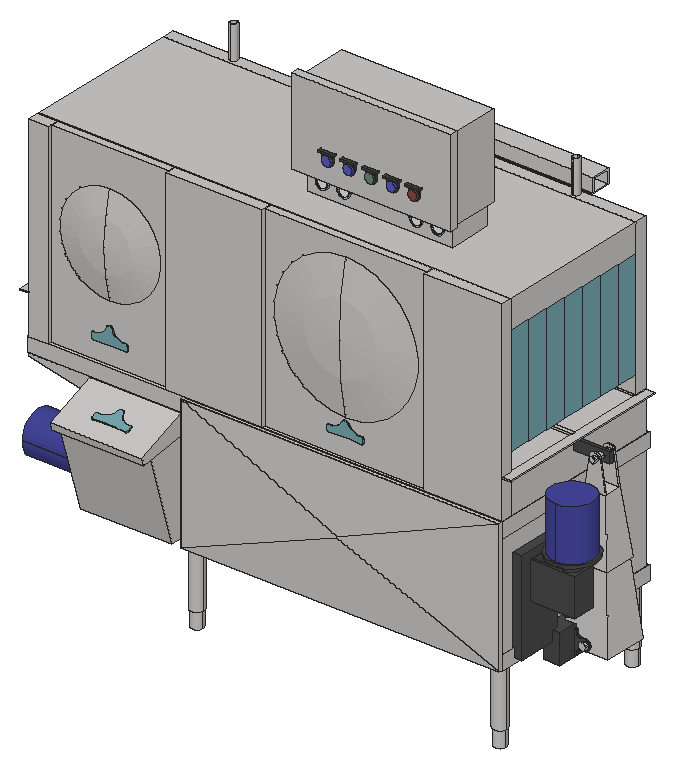
Revit family
Parameters (values of type "480/60/3")
  Width = 5' - 5 1/2"  # constant formula
  Weight in Pounds = 1050
  Watts = 15000 W
  Watermarked By = "http://revitwatermark.com"
  Waste Water Discharge Temperature [instance] = -459.67 °F
  Volts = 480 V
  Ventilation Remarks [instance] = ""
  URL Cutsheet = ""
  URL = "www.stero.com"
  Total Height = 5' - 10 1/2"
  Table Height = 2' - 10"
  Swing Doors [instance] = no
  Status [instance] = ""
  Standard Doors [instance] = not(Swing Doors)  # yes
  Specification by User [instance] = ""
  Specification by Manufacturer = ""
  Single Door Opening [instance] = if(Swing Doors, 1' 6", 1' 4 1/4")  # 1' - 4 1/4"
  Serial Number [instance] = ""
  Seismic Rating [instance] = ""
  SMACNA No [instance] = ""
  Right Ventilation Remarks [instance] = ""
  Right Vent [instance] = no
  Right Exhaust Volume [instance] = if(Right Vent, 400 CFM, 0 CFM)  # 0 CFM
  Right Exhaust Vent Width = 0' - 3 7/8"
  Right Exhaust Vent Text = "Vent, Unload End"  # constant formula
  Right Exhaust Vent Depth = 2' - 0 7/8"
  Right Exhaust Static Press = 0.00 in-wg
  Right Exhaust RI Height [instance] = 0' - 0"
  Right Exhaust Item Number [instance] = "-"
  Right Drain [instance] = not(Left Drain)  # yes
  Revision Code [instance] = ""
  Plumbing Remarks [instance] = ""
  Plumbing Connection Type [instance] = ""
  Phase = 3
  Number of Poles [instance] = 1
  NAFEM Spec ID Number [instance] = ""
  Model = "ER-66S"
  Masterspec = ""
  Manufacturer = "Stero"
  Machine Height = 4' - 7 1/2"
  Left Vent [instance] = no
  Left Drain [instance] = no
  Item Number [instance] = "-"
  Installed By [instance] = ""
  Indirect Waste Size = 2"
  Indirect Waste Flow [instance] = 0.00 GPM
  Indirect Waste Connection Type [instance] = ""
  Indirect Waste Connection Height = 0' - 6"
  Hot Water Usage Rack = "0.5 Gal/Rack"  # constant formula
  Hot Water Usage = "118 GPH"  # constant formula
  Hot Water Temperature = 180 °F
  Hot Water Size = 3/4"
  Hot Water RI Height [instance] = 0' - 0"
  Hot Water Minimum Pressure = 20.00 psi
  Hot Water Maximum Pressure = 20.00 psi
  Hot Water Flow = 1.97 GPM
  Hot Water Consumption = 1.97 GPM
  Hot Water Connection Height = 5' - 0"
  HP = "3.58"  # constant formula
  Furnished By [instance] = ""
  Foodservice Equipment Identifier [instance] = yes
  FL Amps = 25 A
  Exhaust Volume [instance] = if(Left Vent, 200 CFM, 0 CFM)  # 0 CFM
  Exhaust Vent Width = 0' - 3 7/8"
  Exhaust Vent Text = "Vent, Load End"  # constant formula
  Exhaust Vent Depth = 2' - 0 7/8"
  Exhaust Static Press = 0.00 in-wg
  Exhaust RI Height [instance] = 0' - 0"
  Electrical Remarks [instance] = ""
  Electric Connection Type [instance] = ""
  Elec Conn RI Height [instance] = 0' - 0"
  Elec Conn Connection Height = 5' - 8 1/2"
  Double Door Opening [instance] = if(Swing Doors, 3' 0", 1' 10 1/2")  # 1' - 10 1/2"
  Description = "Rack Conveyor Series"
  Depth = 2' - 1"
  Cycle = 60 Hz
  Conn Conduit = yes
  Cold Water Temperature Recommended [instance] = -459.67 °F
  Cold Water Size = 3/4"
  Cold Water RI Height [instance] = 0' - 0"
  Cold Water Minimum Pressure [instance] = 0.00 psi
  Cold Water Maximum Pressure [instance] = 0.00 psi
  Cold Water Flow [instance] = 0.00 GPM
  Cold Water Consumption [instance] = ""
  Cold Water Connection Height = 5' - 0"
  CSI MasterFormat = "11 48 13"
  Building Plumbing Remarks [instance] = ""
  Building Hot Water Temperature = 140 °F
  Building Hot Water Size = 3/4"
  Building Hot Water RI Height [instance] = 0' - 0"
  Building Hot Water Minimum Pressure = 20.00 psi
  Building Hot Water Maximum Pressure = 20.00 psi
  Building Hot Water Flow [instance] = 0.00 GPM
  Building Hot Water Consumption [instance] = 0.00 GPM
  Building Hot Water Connection Height = 5' - 0"
  Building HW Item Number [instance] = "-"
  Assembly Code = "E1090320"
  Apparent Power = if(Phase = 3, Volts * FL Amps * 1.73, Volts * FL Amps)  # 20760 VA
Reference planes (in)
  plane 1: z = 0
  plane 2 "Left of Bottom": x = 2.32772
  plane 3 "BACK": y = -48
  plane 4 "TOP": z = 70.5
  plane 5 "RIGHT": x = 46.32772
  plane 6 "FRONT": y = -73
  plane 7 "Right of Top": x = 46.07772
  plane 8 "Right of Ledge": x = 47.57772
  plane 9 "Right End Cowl": x = 56.07772
  plane 10: x = 49.14022
  plane 11 "Bottom of Machine": z = 10
  plane 12 "Table Height": z = 34
  plane 13 "Top of Machine": z = 55.5
  plane 14 "Panel Top": z = 28.5
  plane 15: z = 12
  plane 16: y = -73.5
  plane 17: y = -47.5
  plane 18: x = 2.07772
  plane 19 "Right of Bottom": x = 46.57772
  plane 20: y = -49.625
  plane 21: y = -71.375
  plane 22 "Door Center": x = 24.32772
  plane 23: x = 13.07772
  plane 24: x = 35.57772
  plane 25 "Top of Opening": z = 51.5
  plane 26: z = 2.25
  plane 27: x = 14.32772
  plane 28: x = 34.32772
  plane 29: x = 13.32772
  plane 30: x = 35.32772
  plane 31 "Front of Lower Panel": y = -66.5
  plane 32: y = -60.5
  plane 33: y = -67
  plane 34 "Back of Panel": y = -60
  plane 35 "Front of Upper Panel": y = -68
  plane 36: x = 13.82772
  plane 37: x = 34.82772
  plane 38: x = 55.95272
  plane 39: x = 53.01522
  plane 40: y = -48.0625
  plane 41: y = -72.9375
  plane 42 "Top of Vents": z = 59.5
  plane 43: x = 9.82772
  plane 44: x = 38.82772
  plane 45: y = -45
  plane 46: z = 57.5
  plane 47: y = -43
  plane 48: z = 84.5
  plane 49: x = -29.17228
  plane 50: x = -22.23478
  plane 51: x = -29.04728
  plane 52: x = -26.10978
  plane 53 "Left of Middle": x = -19.29728
  plane 54 "LEFT": x = -19.17228
  plane 55: x = -20.42228
  plane 56: x = -18.92228
  plane 57: x = -0.23478
  plane 58: x = -16.48478
  plane 59 "Left of Bin": x = -10.60978
  plane 60: x = -21.79728
  plane 61: z = 13.625
  plane 62: z = 8.5
  plane 63 "Drain": y = -50
  plane 64: y = -80
  plane 65: x = 13.32772
  plane 66: x = 35.32772
  plane 67 "Left Handle": x = 22.89022
  plane 68: x = 24.26522
  plane 69: x = 24.39022
  plane 70 "Right Handle": x = 25.76522
  plane 71: x = -16.23478
  plane 72 "Small Door Handle": x = -1.67228
  plane 73: x = -0.35978
  plane 74 "Top Hinge": z = 52.4375
  plane 75: z = 49.4375
  plane 76 "Bottom Hinge": z = 35.8125
  plane 77: z = 32.8125
Forms (in)
  Extrusion 1, solid, material "QF_Finishes_Stainless Steel"
    sketch origin (0, 0, 10) x (0, 1, 0) y (-1, 0, 0)
      loop
        line (-47.5, -2.07772) -> (-73, -2.07772) -> (-73, -46.57772) -> (-47.5, -46.57772) -> (-47.5, -2.07772)
    from 0 to 2
  Extrusion 2, solid, material "QF_Finishes_Stainless Steel"
    sketch origin (0, 0, 28.5) x (0, 1, 0) y (-1, 0, 0)
      loop
        line (-48, -2.32772) -> (-73, -2.32772) -> (-73, -46.32772) -> (-48, -46.32772) -> (-48, -2.32772)
    from 0 to -16.5
  Extrusion 3, solid, material "QF_Finishes_Stainless Steel"
    sketch origin (0, 0, 34) x (0, 1, 0) y (-1, 0, 0)
      loop
        line (-48, -46.32772) -> (-73, -46.32772) -> (-73, -47.57772) -> (-48, -47.57772) -> (-48, -46.32772)
    from 0 to -0.125
  Extrusion 4, solid, material "QF_Finishes_Stainless Steel"
    sketch origin (0, 0, 34) x (0, 1, 0) y (-1, 0, 0)
      loop
        line (-48, 19.17228) -> (-71.375, 19.17228) -> (-71.375, -46.32772) -> (-48, -46.32772) -> (-48, 19.17228)
    from -0.25 to -5.5
  Extrusion 5, solid, material "QF_Finishes_Stainless Steel"
    sketch origin (0, 0, 34) x (0, 1, 0) y (-1, 0, 0)
      loop
        line (-60.25, 19.17228) -> (-60.75, 19.17228) -> (-60.75, -46.32772) -> (-60.25, -46.32772) -> (-60.25, 19.17228)
      loop
        line (-48, 19.17228) -> (-49.625, 19.17228) -> (-49.625, -46.32772) -> (-48, -46.32772) -> (-48, 19.17228)
    from 0 to -0.25
  Extrusion 6, solid, material "QF_Finishes_Stainless Steel"
    sketch origin (0, 0, 55.5) x (0, 1, 0) y (-1, 0, 0)
      loop
        line (-49.625, 19.17228) -> (-71.375, 19.17228) -> (-71.375, -46.32772) -> (-49.625, -46.32772) -> (-49.625, 19.17228)
    from 0 to -4
  Extrusion 7, solid, material "QF_Finishes_Stainless Steel"
    sketch origin (0, 0, 55.5) x (0, 1, 0) y (-1, 0, 0)
      loop
        line (-48, 19.17228) -> (-49.625, 19.17228) -> (-49.625, -46.32772) -> (-48, -46.32772) -> (-48, 19.17228)
    from 0 to -21.5
  Extrusion 8, solid, material "QF_Finishes_Stainless Steel"
    sketch origin (0, -73, 0) x (-1, 0, 0) y (0, 0, 1)
      loop
        line (0.23478, 55.5) -> (-13.07772, 55.5) -> (-13.07772, 28.5) -> (0.23478, 28.5) -> (0.23478, 55.5)
    from 0 to 1.625
  Blend 9, solid, material "QF_Finishes_Stainless Steel"
    base sketch origin (-15.01335, -74, 48) x (-1, 0, 0) y (0, 0, 1)
      loop
        line (-17.34107, -19.5) -> (-61.34107, -19.5) -> (-61.34107, -38) -> (-17.34107, -38) -> (-17.34107, -19.5)
    top sketch origin (-15.01335, -74, 48) x (-1, 0, 0) y (0, 0, 1)
      loop
        line (-39.37232, -28.71875) -> (-39.37232, -28.78125) -> (-39.30982, -28.78125) -> (-39.30982, -28.71875) -> (-39.37232, -28.71875)
    from 0.5 to 0
  Extrusion 10, solid, material "QF_Finishes_Stainless Steel"
    sketch origin (0, 0, 10) x (0, 1, 0) y (-1, 0, 0)
      loop
        line (-73, -2.32772) -> (-73.5, -2.32772) -> (-73.5, -46.32772) -> (-73, -46.32772) -> (-73, -2.32772)
    from 0 to 18.5
  Extrusion 11, solid, material "QF_Finishes_Stainless Steel"
    sketch origin (0, -73, 0) x (-1, 0, 0) y (0, 0, 1)
      loop
        line (-35.57772, 55.5) -> (-46.32772, 55.5) -> (-46.32772, 28.5) -> (-35.57772, 28.5) -> (-35.57772, 55.5)
    from 0 to 1.625
  Extrusion 12, solid, material "QF_Finishes_Stainless Steel", visible <- "Standard Doors"
    sketch origin (0, 0, 55.5) x (0, 1, 0) y (-1, 0, 0)
      loop
        line (-71.375, -13.07772) -> (-72.5, -13.07772) -> (-72.5, -35.57772) -> (-71.375, -35.57772) -> (-71.375, -13.07772)
    from 0 to -27
  Revolve 13, solid, material "QF_Finishes_Stainless Steel", visible <- "Standard Doors"
    sketch origin (24.32772, 0, 0) x (0, 1, 0) y (0, 0, 1)
      loop
        line (-72.5, 43.5) -> (-72.5, 53.5)
        arc (-72.5, 53.5) -> (-73.26244, 48.52624) -> (-73.5, 43.5) r 48
        line (-73.5, 43.5) -> (-72.5, 43.5)
      axis (-72.5, 43.5) -> (-73.5, 43.5)
    angle from 0 to 360
  Extrusion 14, solid, material "QF_Finishes_Stainless Steel"
    sketch origin (0, 0, 0) x (1, 0, 0) y (0, 1, 0)
      loop
        circle (3.32772, -49) r 0.8125
    from 0 to 2.25
  Extrusion 15, solid, material "QF_Finishes_Stainless Steel"
    sketch origin (0, 0, 0) x (1, 0, 0) y (0, 1, 0)
      loop
        circle (3.32772, -49) r 0.9375
    from 2.25 to 10
  Extrusion 16, solid, material "QF_Finishes_Stainless Steel"
    sketch origin (48.65544, 0, 0) x (-1, 0, 0) y (0, -1, 0)
      loop
        circle (3.32772, 49) r 0.8125
    from 0 to 2.25
  Extrusion 17, solid, material "QF_Finishes_Stainless Steel"
    sketch origin (48.65544, 0, 0) x (-1, 0, 0) y (0, -1, 0)
      loop
        circle (3.32772, 49) r 0.9375
    from 2.25 to 10
  Extrusion 18, solid, material "QF_Finishes_Stainless Steel"
    sketch origin (0, -121, 0) x (1, 0, 0) y (0, 1, 0)
      loop
        circle (3.32772, 49) r 0.8125
    from 0 to 2.25
  Extrusion 19, solid, material "QF_Finishes_Stainless Steel"
    sketch origin (0, -121, 0) x (1, 0, 0) y (0, 1, 0)
      loop
        circle (3.32772, 49) r 0.9375
    from 2.25 to 10
  Extrusion 20, solid, material "QF_Finishes_Stainless Steel"
    sketch origin (48.65544, -121, 0) x (-1, 0, 0) y (0, -1, 0)
      loop
        circle (3.32772, -49) r 0.8125
    from 0 to 2.25
  Extrusion 21, solid, material "QF_Finishes_Stainless Steel"
    sketch origin (48.65544, -121, 0) x (-1, 0, 0) y (0, -1, 0)
      loop
        circle (3.32772, -49) r 0.9375
    from 2.25 to 10
  Extrusion 22, solid, material "QF_Finishes_Light Blue"
    sketch origin (0, 0, 51.5) x (0, 1, 0) y (-1, 0, 0)
      loop
        line (-49.625, -46.32772) -> (-49.625, -46.20272) -> (-52.625, -46.20272) -> (-52.625, -46.32772) -> (-49.625, -46.32772)
      loop
        line (-52.75, -46.32772) -> (-52.75, -46.20272) -> (-55.75, -46.20272) -> (-55.75, -46.32772) -> (-52.75, -46.32772)
      loop
        line (-55.875, -46.32772) -> (-55.875, -46.20272) -> (-58.875, -46.20272) -> (-58.875, -46.32772) -> (-55.875, -46.32772)
      loop
        line (-59, -46.32772) -> (-59, -46.20272) -> (-62, -46.20272) -> (-62, -46.32772) -> (-59, -46.32772)
      loop
        line (-62.125, -46.32772) -> (-62.125, -46.20272) -> (-65.125, -46.20272) -> (-65.125, -46.32772) -> (-62.125, -46.32772)
      loop
        line (-65.25, -46.32772) -> (-65.25, -46.20272) -> (-68.25, -46.20272) -> (-68.25, -46.32772) -> (-65.25, -46.32772)
      loop
        line (-68.375, -46.32772) -> (-68.375, -46.20272) -> (-71.375, -46.20272) -> (-71.375, -46.32772) -> (-68.375, -46.32772)
    from 0 to -15
  Extrusion 23, solid, material "QF_Finishes_Stainless Steel"
    sketch origin (0, 0, 55.5) x (0, 1, 0) y (-1, 0, 0)
      loop
        line (-60.5, -14.32772) -> (-66.5, -14.32772) -> (-66.5, -34.32772) -> (-60.5, -34.32772) -> (-60.5, -14.32772)
    from 0 to 3.5
  Extrusion 24, solid, material "QF_Finishes_Stainless Steel"
    sketch origin (0, 0, 55.5) x (0, 1, 0) y (-1, 0, 0)
      loop
        line (-60, -13.82772) -> (-67, -13.82772) -> (-67, -34.82772) -> (-60, -34.82772) -> (-60, -13.82772)
    from 3 to 14.5
  Extrusion 25, solid, material "QF_Finishes_Stainless Steel"
    sketch origin (0, 0, 55.5) x (0, 1, 0) y (-1, 0, 0)
      loop
        line (-67, -13.32772) -> (-68, -13.32772) -> (-68, -35.32772) -> (-67, -35.32772) -> (-67, -13.32772)
    from 3 to 15
  Extrusion 26, solid, material "QF_Finishes_Stainless Steel"
    sketch origin (0, -66.5, 0) x (-1, 0, 0) y (0, 0, 1)
      loop
        circle (-16.32772, 57.25) r 0.75
      loop
        circle (-16.32772, 57.25) r 0.875
    from 0 to -0.125
  Extrusion 27, solid, material "QF_Finishes_White"
    sketch origin (0, -66.5, 0) x (-1, 0, 0) y (0, 0, 1)
      loop
        circle (-16.32772, 57.25) r 0.75
    from 0 to -0.0625
  Extrusion 28, solid, material "QF_Finishes_Stainless Steel"
    sketch origin (48.65544, -66.5, 0) x (1, 0, 0) y (0, 0, -1)
      loop
        circle (-16.32772, -57.25) r 0.75
      loop
        circle (-16.32772, -57.25) r 0.875
    from 0 to -0.125
  Extrusion 29, solid, material "QF_Finishes_White"
    sketch origin (48.65544, -66.5, 0) x (1, 0, 0) y (0, 0, -1)
      loop
        circle (-16.32772, -57.25) r 0.75
    from 0 to -0.0625
  Extrusion 30, solid, material "QF_Finishes_Black"
    sketch origin (1.5, -68, 0) x (-1, 0, 0) y (0, 0, 1)
      loop
        line (-23.82772, 62.5) -> (-23.82772, 62.25) -> (-21.82772, 62.25) -> (-21.82772, 62.5) -> (-23.82772, 62.5)
      loop
        line (-20.82772, 62.5) -> (-20.82772, 62.25) -> (-18.82772, 62.25) -> (-18.82772, 62.5) -> (-20.82772, 62.5)
      loop
        line (-24.82772, 62.5) -> (-26.82772, 62.5) -> (-26.82772, 62.25) -> (-24.82772, 62.25) -> (-24.82772, 62.5)
      loop
        line (-27.82772, 62.5) -> (-29.82772, 62.5) -> (-29.82772, 62.25) -> (-27.82772, 62.25) -> (-27.82772, 62.5)
      loop
        line (-17.82772, 62.5) -> (-17.82772, 62.25) -> (-15.82772, 62.25) -> (-15.82772, 62.5) -> (-17.82772, 62.5)
    from 0 to -0.5
  Extrusion 31, solid, material "QF_Finishes_Navy Blue"
    sketch origin (1.5, -68, 0) x (-1, 0, 0) y (0, 0, 1)
      loop
        circle (-19.82772, 61.375) r 0.625
    from -0.125 to -0.375
  Extrusion 32, solid, material "QF_Finishes_LED Green"
    sketch origin (4.5, -68, 0) x (-1, 0, 0) y (0, 0, 1)
      loop
        circle (-19.82772, 61.375) r 0.625
    from -0.125 to -0.375
  Extrusion 33, solid, material "QF_Finishes_Navy Blue"
    sketch origin (7.5, -68, 0) x (-1, 0, 0) y (0, 0, 1)
      loop
        circle (-19.82772, 61.375) r 0.625
    from -0.125 to -0.375
  Extrusion 34, solid, material "QF_Finishes_LED Red"
    sketch origin (10.5, -68, 0) x (-1, 0, 0) y (0, 0, 1)
      loop
        circle (-19.82772, 61.375) r 0.625
    from -0.125 to -0.375
  Extrusion 35, solid, material "QF_Finishes_Black"
    sketch origin (1.5, -68, 0) x (-1, 0, 0) y (0, 0, 1)
      loop
        arc (-20.57772, 61.375) -> (-19.82772, 60.625) -> (-19.07772, 61.375) r 0.75
        line (-19.07772, 61.375) -> (-19.07772, 62.25) -> (-20.57772, 62.25) -> (-20.57772, 61.375)
      loop
        arc (-23.57772, 61.375) -> (-22.82772, 60.625) -> (-22.07772, 61.375) r 0.75
        line (-22.07772, 61.375) -> (-22.07772, 62.25) -> (-23.57772, 62.25) -> (-23.57772, 61.375)
      loop
        arc (-26.57772, 61.375) -> (-25.82772, 60.625) -> (-25.07772, 61.375) r 0.75
        line (-25.07772, 61.375) -> (-25.07772, 62.25) -> (-26.57772, 62.25) -> (-26.57772, 61.375)
      loop
        arc (-29.57772, 61.375) -> (-28.82772, 60.625) -> (-28.07772, 61.375) r 0.75
        line (-28.07772, 61.375) -> (-28.07772, 62.25) -> (-29.57772, 62.25) -> (-29.57772, 61.375)
      loop
        arc (-17.57772, 61.375) -> (-16.82772, 60.625) -> (-16.07772, 61.375) r 0.75
        line (-16.07772, 61.375) -> (-16.07772, 62.25) -> (-17.57772, 62.25) -> (-17.57772, 61.375)
    from 0 to -0.125
  Extrusion 36, solid, material "QF_Finishes_Light Blue", visible <- "Standard Doors"
    sketch origin (0, -73, 0) x (-1, 0, 0) y (0, 0, 1)
      loop
        line (-23.71645, 31.03132) -> (-22.08461, 30.94809)
        arc (-22.08461, 30.94809) -> (-21.90443, 31.02273) -> (-21.82979, 31.20292) r 0.25483
        line (-21.82979, 31.20292) -> (-21.82979, 31.68785)
        arc (-21.82979, 31.68785) -> (-21.90343, 31.86562) -> (-22.08121, 31.93926) r 0.25142
        arc (-22.08121, 31.93926) -> (-23.14855, 32.09475) -> (-23.90311, 32.8655) r 1.68561
        arc (-23.90311, 32.8655) -> (-24.32248, 33.11323) -> (-24.74741, 32.87517) r 0.48833
        arc (-24.74741, 32.87517) -> (-25.50199, 32.0972) -> (-26.57423, 31.93926) r 1.68609
        arc (-26.57423, 31.93926) -> (-26.75201, 31.86562) -> (-26.82565, 31.68785) r 0.25142
        line (-26.82565, 31.68785) -> (-26.82565, 31.20292)
        arc (-26.82565, 31.20292) -> (-26.75101, 31.02273) -> (-26.57082, 30.94809) r 0.25483
        line (-26.57082, 30.94809) -> (-24.93898, 31.03132)
        arc (-24.93898, 31.03132) -> (-24.32772, 31.04643) -> (-23.71645, 31.03132) r 12.37453
    from 0.5 to 0.4375
  Extrusion 37, solid, material "QF_Finishes_Stainless Steel", visible <- "Right Vent"
    sketch origin (46.07772, 0, 0) x (0, -1, 0) y (0, 0, 1)
      loop
        line (73, 55.5) -> (48, 55.5) -> (48, 50.5625) -> (49.625, 48.9375) -> (49.625, 49.11428) -> (48.125, 50.61428) -> (48.125, 55.375) -> (72.875, 55.375) -> (72.875, 39.55178) -> (71.375, 38.05178) -> (71.375, 37.875) -> (73, 39.5) -> (73, 55.5)
    from 0 to -9.875
  Extrusion 38, solid, material "QF_Finishes_Stainless Steel", visible <- "Right Vent"
    sketch origin (56.07772, 0, 0) x (0, 1, 0) y (0, 0, 1)
      loop
        line (-71.375, 37.875) -> (-71.375, 51.5) -> (-49.625, 51.5) -> (-49.625, 48.9375) -> (-48, 50.5625) -> (-48, 55.5) -> (-73, 55.5) -> (-73, 39.5) -> (-71.375, 37.875)
    from 0 to -0.125
  Extrusion 39, solid, material "QF_Finishes_Stainless Steel", visible <- "Right Vent"
    sketch origin (48.65544, 0, 55.5) x (0, 1, 0) y (-1, 0, 0)
      loop
        line (-48.0625, -4.35978) -> (-48.0625, -0.48478) -> (-72.9375, -0.48478) -> (-72.9375, -4.35978) -> (-48.0625, -4.35978)
      loop
        line (-48.1875, -4.23478) -> (-48.1875, -0.60978) -> (-72.8125, -0.60978) -> (-72.8125, -4.23478) -> (-48.1875, -4.23478)
    from 0 to 4
  Extrusion 40, void
    sketch origin (0, 0, 55.5) x (0, 1, 0) y (-1, 0, 0)
      loop
        line (-48.1875, -49.26522) -> (-72.8125, -49.26522) -> (-72.8125, -52.89022) -> (-48.1875, -52.89022) -> (-48.1875, -49.26522)
    from 0 to -0.125
  Extrusion 41, solid, material "QF_Finishes_Black"
    sketch origin (0, -73, 0) x (-1, 0, 0) y (0, 0, 1)
      loop
        line (-46.57772, 12) -> (-46.32772, 12) -> (-46.32772, 23.9375) -> (-47.70272, 23.9375) -> (-47.70272, 10.9375) -> (-46.57772, 10.9375) -> (-46.57772, 12)
    from 1.8125 to 7.8125
  Extrusion 42, solid, material "QF_Finishes_Black"
    sketch origin (0, 0, 10) x (0, 1, 0) y (-1, 0, 0)
      loop
        line (-66.875, -52.32772) -> (-66.875, -47.95272) -> (-69.5, -47.95272) -> (-69.5, -52.32772)
        arc (-69.5, -52.32772) -> (-68.1875, -51.01522) -> (-66.875, -52.32772) r 1.3125
      loop
        line (-69.75, -53.95272) -> (-66.625, -53.95272) -> (-66.625, -47.70272) -> (-69.75, -47.70272) -> (-69.75, -53.95272)
    from 7.6875 to 12.9375
  Extrusion 43, solid, material "QF_Finishes_Black"
    sketch origin (0, 0, 10) x (0, 1, 0) y (-1, 0, 0)
      loop
        circle (-68.1875, -52.32772) r 1.0625
    from 7.1875 to 7.6875
  Extrusion 44, solid, material "QF_Finishes_Black"
    sketch origin (0, 0, 10) x (0, 1, 0) y (-1, 0, 0)
      loop
        circle (-68.1875, -52.32772) r 1.3125
    from 12.9375 to 13.4375
  Blend 45, solid, material "QF_Finishes_Black"
    base sketch origin (0, 0, 10) x (0, 1, 0) y (-1, 0, 0)
      loop
        circle (-68.1875, -52.32772) r 1.3125
    top sketch origin (0, 0, 10) x (0, 1, 0) y (-1, 0, 0)
      loop
        circle (-68.1875, -52.32772) r 2.0625
    from 13.4375 to 14.4375
  Extrusion 46, solid, material "QF_Finishes_Black"
    sketch origin (0, 0, 10) x (0, 1, 0) y (-1, 0, 0)
      loop
        circle (-68.1875, -52.32772) r 3.25
    from 14.4375 to 14.8125
  Extrusion 47, solid, material "QF_Finishes_Blue"
    sketch origin (0, 0, 10) x (0, 1, 0) y (-1, 0, 0)
      loop
        circle (-68.1875, -52.32772) r 2.875
    from 14.8125 to 21.9375
  Extrusion 48, solid, material "QF_Finishes_Black"
    sketch origin (0, -73, 0) x (-1, 0, 0) y (0, 0, 1)
      loop
        line (-46.32772, 33.5625) -> (-51.57772, 33.5625) -> (-51.57772, 32.0625) -> (-46.32772, 32.0625) -> (-46.32772, 33.5625)
      loop
        circle (-50.32772, 32.8125) r 0.375
    from 12.3125 to 12.6875
  Extrusion 49, solid, material "QF_Finishes_Black"
    sketch origin (0, -73, 0) x (-1, 0, 0) y (0, 0, 1)
      loop
        line (-46.32772, 12) -> (-46.32772, 12.4375) -> (-48.82772, 12.4375) -> (-48.82772, 8.4375) -> (-46.57772, 8.4375) -> (-46.57772, 12) -> (-46.32772, 12)
    from 7 to 18
  Extrusion 50, solid, material "QF_Finishes_Black"
    sketch origin (0, -73, 0) x (-1, 0, 0) y (0, 0, 1)
      loop
        line (-48.82772, 12.125) -> (-49.07772, 12.125)
        arc (-49.07772, 12.125) -> (-49.2545, 12.05178) -> (-49.32772, 11.875) r 0.25
        line (-49.32772, 11.875) -> (-49.32772, 11.5625)
        arc (-49.32772, 11.5625) -> (-49.43755, 11.29733) -> (-49.70272, 11.1875) r 0.375
        line (-49.70272, 11.1875) -> (-50.32772, 11.1875)
        arc (-50.32772, 11.1875) -> (-51.07772, 10.4375) -> (-50.32772, 9.6875) r 0.75
        line (-50.32772, 9.6875) -> (-49.70272, 9.6875)
        arc (-49.70272, 9.6875) -> (-49.43755, 9.57767) -> (-49.32772, 9.3125) r 0.375
        line (-49.32772, 9.3125) -> (-49.32772, 9)
        arc (-49.32772, 9) -> (-49.2545, 8.82322) -> (-49.07772, 8.75) r 0.25
        line (-49.07772, 8.75) -> (-48.82772, 8.75) -> (-48.82772, 12.125)
      loop
        circle (-50.32772, 10.4375) r 0.5
    from 9.375 to 9.5
  Extrusion 51, solid, material "QF_Finishes_Black"
    sketch origin (0, -66.875, 0) x (-1, 0, 0) y (0, 0, 1)
      loop
        line (-48.82772, 12.125) -> (-49.07772, 12.125)
        arc (-49.07772, 12.125) -> (-49.2545, 12.05178) -> (-49.32772, 11.875) r 0.25
        line (-49.32772, 11.875) -> (-49.32772, 11.5625)
        arc (-49.32772, 11.5625) -> (-49.43755, 11.29733) -> (-49.70272, 11.1875) r 0.375
        line (-49.70272, 11.1875) -> (-50.32772, 11.1875)
        arc (-50.32772, 11.1875) -> (-51.07772, 10.4375) -> (-50.32772, 9.6875) r 0.75
        line (-50.32772, 9.6875) -> (-49.70272, 9.6875)
        arc (-49.70272, 9.6875) -> (-49.43755, 9.57767) -> (-49.32772, 9.3125) r 0.375
        line (-49.32772, 9.3125) -> (-49.32772, 9)
        arc (-49.32772, 9) -> (-49.2545, 8.82322) -> (-49.07772, 8.75) r 0.25
        line (-49.07772, 8.75) -> (-48.82772, 8.75) -> (-48.82772, 12.125)
      loop
        circle (-50.32772, 10.4375) r 0.5
    from 9.375 to 9.5
  Extrusion 52, solid, material "QF_Finishes_Stainless Steel"
    sketch origin (0, -73, 0) x (-1, 0, 0) y (0, 0, 1)
      loop
        circle (-50.32772, 32.8125) r 0.375
      loop
        line (-51.06584, 32.94545) -> (-51.76522, 28.6875) -> (-48.89022, 28.6875) -> (-49.5896, 32.94545)
        arc (-49.5896, 32.94545) -> (-50.32772, 33.5625) -> (-51.06584, 32.94545) r 0.75
    from 11.25 to 11.375
  Extrusion 53, solid, material "QF_Finishes_Stainless Steel"
    sketch origin (0, -48, 0) x (-1, 0, 0) y (0, 0, -1)
      loop
        circle (-50.32772, -32.8125) r 0.375
      loop
        arc (-51.06584, -32.94545) -> (-50.32772, -33.5625) -> (-49.5896, -32.94545) r 0.75
        line (-49.5896, -32.94545) -> (-48.89022, -28.6875) -> (-51.76522, -28.6875) -> (-51.06584, -32.94545)
    from 11.25 to 11.375
  Extrusion 54, solid, material "QF_Finishes_Stainless Steel"
    sketch origin (0, -73, 0) x (-1, 0, 0) y (0, 0, 1)
      loop
        circle (-50.32772, 32.8125) r 0.375
    from 10.75 to 14.25
  Blend 55, solid, material "QF_Finishes_Stainless Steel"
    base sketch origin (0, 0, 34) x (0, 1, 0) y (-1, 0, 0)
      loop
        line (-58.25, -47.89022) -> (-62.75, -47.89022) -> (-62.75, -52.76522) -> (-58.25, -52.76522) -> (-58.25, -47.89022)
    top sketch origin (0, 0, 34) x (0, 1, 0) y (-1, 0, 0)
      loop
        line (-59.25, -48.89022) -> (-61.75, -48.89022) -> (-61.75, -51.76522) -> (-59.25, -51.76522) -> (-59.25, -48.89022)
    from -14.0625 to -5.3125
  Blend 56, solid, material "QF_Finishes_Stainless Steel"
    base sketch origin (0, 0, 25.25) x (0, 1, 0) y (-1, 0, 0)
      loop
        line (-57.5, -47.14022) -> (-63.5, -47.14022) -> (-63.5, -53.51522) -> (-57.5, -53.51522) -> (-57.5, -47.14022)
    top sketch origin (0, 0, 25.25) x (0, 1, 0) y (-1, 0, 0)
      loop
        line (-58.5, -48.14022) -> (-62.5, -48.14022) -> (-62.5, -52.51522) -> (-58.5, -52.51522) -> (-58.5, -48.14022)
    from -15.5625 to -5.3125
  Extrusion 57, solid, material "QF_Finishes_Stainless Steel"
    sketch origin (0, -73, -22) x (-1, 0, 0) y (0, 0, 1)
      loop
        circle (-50.32772, 32.4375) r 0.5
    from 9 to 16
  Extrusion 58, solid, material "QF_Finishes_Stainless Steel"
    sketch origin (0, 0, 55.5) x (0, 1, 0) y (-1, 0, 0)
      loop
        circle (-48.75, -37.32772) r 0.375
      loop
        circle (-48.75, -37.32772) r 0.5
    from 0 to 4.5
  Extrusion 59, solid, material "QF_Finishes_Stainless Steel"
    sketch origin (2.32772, 0, 0) x (0, 1, 0) y (0, 0, 1)
      loop
        line (-45, 57.5) -> (-47.75, 57.5) -> (-47.75, 55.5) -> (-45, 55.5) -> (-45, 57.5)
      loop
        line (-45.125, 57.375) -> (-47.625, 57.375) -> (-47.625, 55.625) -> (-45.125, 55.625) -> (-45.125, 57.375)
    from 7.5 to 36.5
  Extrusion 60, solid, material "QF_Finishes_Stainless Steel"
    sketch origin (2.32772, 0, 0) x (0, 1, 0) y (0, 0, 1)
      loop
        line (-47.75, 55.5) -> (-47.75, 55.625) -> (-48, 55.625) -> (-48, 55.5) -> (-47.75, 55.5)
    from 7.5 to 36.5
  Extrusion 61, solid, material "QF_Finishes_Stainless Steel"
    sketch origin (0, -60, 0) x (-1, 0, 0) y (0, 0, 1)
      loop
        circle (-34.32772, 68.5) r 0.25
    from 0 to 0.0625
  Extrusion 62, solid, material "QF_Finishes_Stainless Steel"
    sketch origin (0, -1, 10) x (0, 1, 0) y (-1, 0, 0)
      loop
        circle (-50, -18.32772) r 1
      loop
        circle (-50, -18.32772) r 1.125
    from 0 to -4
  Extrusion 63, solid, material "QF_Finishes_Clearance", detail levels coarse
    sketch origin (0, 0, 0) x (1, 0, 0) y (0, 1, 0)
      loop
        line (-20.42228, -47.5) -> (9.82772, -47.5) -> (9.82772, -45) -> (38.82772, -45) -> (38.82772, -47.5) -> (47.57772, -47.5) -> (47.57772, -43) -> (-20.42228, -43) -> (-20.42228, -47.5)
    from 0 to 70.5
  Extrusion 64, solid, material "QF_Finishes_Clearance", visible <- "Standard Doors", detail levels coarse
    sketch origin (0, -73, 0) x (-1, 0, 0) y (0, 0, 1)
      loop
        line (-13.07772, 84.5) -> (-35.57772, 84.5) -> (-35.57772, 55.5) -> (-13.07772, 55.5) -> (-13.07772, 84.5)
    from 0 to 1.625
  Extrusion 65, solid, material "QF_Finishes_Clearance", visible <- "Right Vent", detail levels coarse
    sketch origin (0, 0, 0) x (1, 0, 0) y (0, 1, 0)
      loop
        line (47.57772, -43) -> (47.57772, -47.5) -> (56.07772, -47.5) -> (56.07772, -43) -> (47.57772, -43)
    from 0 to 70.5
  Extrusion 66, solid, material "QF_Finishes_Stainless Steel"
    sketch origin (3, -66.5, 0) x (-1, 0, 0) y (0, 0, 1)
      loop
        circle (-16.32772, 57.25) r 0.75
      loop
        circle (-16.32772, 57.25) r 0.875
    from 0 to -0.125
  Extrusion 67, solid, material "QF_Finishes_White"
    sketch origin (3, -66.5, 0) x (-1, 0, 0) y (0, 0, 1)
      loop
        circle (-16.32772, 57.25) r 0.75
    from 0 to -0.0625
  Extrusion 68, solid, material "QF_Finishes_Stainless Steel"
    sketch origin (45.65544, -66.5, 0) x (1, 0, 0) y (0, 0, -1)
      loop
        circle (-16.32772, -57.25) r 0.75
      loop
        circle (-16.32772, -57.25) r 0.875
    from 0 to -0.125
  Extrusion 69, solid, material "QF_Finishes_White"
    sketch origin (45.65544, -66.5, 0) x (1, 0, 0) y (0, 0, -1)
      loop
        circle (-16.32772, -57.25) r 0.75
    from 0 to -0.0625
  Extrusion 70, solid, material "QF_Finishes_Stainless Steel", visible <- "Left Vent"
    sketch origin (-19.17228, 0, 0) x (0, 1, 0) y (0, 0, 1)
      loop
        line (-73, 55.5) -> (-73, 39.5) -> (-71.375, 37.875) -> (-71.375, 38.05178) -> (-72.875, 39.55178) -> (-72.875, 55.375) -> (-48.125, 55.375) -> (-48.125, 50.61428) -> (-49.625, 49.11428) -> (-49.625, 48.9375) -> (-48, 50.5625) -> (-48, 55.5) -> (-73, 55.5)
    from 0 to -9.875
  Extrusion 71, solid, material "QF_Finishes_Stainless Steel", visible <- "Left Vent"
    sketch origin (-29.17228, 0, 0) x (0, 1, 0) y (0, 0, 1)
      loop
        line (-71.375, 37.875) -> (-71.375, 51.5) -> (-49.625, 51.5) -> (-49.625, 48.9375) -> (-48, 50.5625) -> (-48, 55.5) -> (-73, 55.5) -> (-73, 39.5) -> (-71.375, 37.875)
    from 0 to 0.125
  Extrusion 72, solid, material "QF_Finishes_Stainless Steel", visible <- "Left Vent"
    sketch origin (-21.75, 0, 55.5) x (0, 1, 0) y (-1, 0, 0)
      loop
        line (-48.0625, 4.35978) -> (-72.9375, 4.35978) -> (-72.9375, 0.48478) -> (-48.0625, 0.48478) -> (-48.0625, 4.35978)
      loop
        line (-48.1875, 4.23478) -> (-72.8125, 4.23478) -> (-72.8125, 0.60978) -> (-48.1875, 0.60978) -> (-48.1875, 4.23478)
    from 0 to 4
  Extrusion 73, solid, material "QF_Finishes_Clearance", visible <- "Left Vent", detail levels coarse
    sketch origin (-21.75, 0, 0) x (1, 0, 0) y (0, 1, 0)
      loop
        line (-7.42228, -43) -> (-7.42228, -47.5) -> (1.32772, -47.5) -> (1.32772, -43) -> (-7.42228, -43)
    from 0 to 70.5
  Extrusion 74, solid, material "QF_Finishes_Stainless Steel"
    sketch origin (-21.5, 0, 34) x (0, 1, 0) y (-1, 0, 0)
      loop
        line (-48, -2.32772) -> (-48, -1.07772) -> (-73, -1.07772) -> (-73, -2.32772) -> (-48, -2.32772)
    from 0 to -0.125
  Extrusion 75, solid, material "QF_Finishes_Stainless Steel"
    sketch origin (0, 0, 26.5) x (0, 1, 0) y (-1, 0, 0)
      loop
        line (-47.5, 19.29728) -> (-73, 19.29728) -> (-73, -46.57772) -> (-47.5, -46.57772) -> (-47.5, 19.29728)
    from 0 to 2
  Extrusion 76, solid, material "QF_Finishes_Light Blue"
    sketch origin (27.15544, 0, 51.5) x (0, 1, 0) y (-1, 0, 0)
      loop
        line (-49.625, 46.32772) -> (-52.625, 46.32772) -> (-52.625, 46.20272) -> (-49.625, 46.20272) -> (-49.625, 46.32772)
      loop
        line (-52.75, 46.32772) -> (-55.75, 46.32772) -> (-55.75, 46.20272) -> (-52.75, 46.20272) -> (-52.75, 46.32772)
      loop
        line (-55.875, 46.32772) -> (-58.875, 46.32772) -> (-58.875, 46.20272) -> (-55.875, 46.20272) -> (-55.875, 46.32772)
      loop
        line (-59, 46.32772) -> (-62, 46.32772) -> (-62, 46.20272) -> (-59, 46.20272) -> (-59, 46.32772)
      loop
        line (-62.125, 46.32772) -> (-65.125, 46.32772) -> (-65.125, 46.20272) -> (-62.125, 46.20272) -> (-62.125, 46.32772)
      loop
        line (-65.25, 46.32772) -> (-68.25, 46.32772) -> (-68.25, 46.20272) -> (-65.25, 46.20272) -> (-65.25, 46.32772)
      loop
        line (-68.375, 46.32772) -> (-71.375, 46.32772) -> (-71.375, 46.20272) -> (-68.375, 46.20272) -> (-68.375, 46.32772)
    from 0 to -15
  Extrusion 77, solid, material "QF_Finishes_Stainless Steel"
    sketch origin (-18.9375, -73, 0) x (-1, 0, 0) y (0, 0, 1)
      loop
        line (0.23478, 55.5) -> (-2.45272, 55.5) -> (-2.45272, 28.5) -> (0.23478, 28.5) -> (0.23478, 55.5)
    from 0 to 1.625
  Extrusion 78, solid, material "QF_Finishes_Stainless Steel", visible <- "Standard Doors"
    sketch origin (-32.6875, 0, 55.5) x (0, 1, 0) y (-1, 0, 0)
      loop
        line (-71.375, -16.20272) -> (-72.5, -16.20272) -> (-72.5, -32.45272) -> (-71.375, -32.45272) -> (-71.375, -16.20272)
    from 0 to -27
  Revolve 79, solid, material "QF_Finishes_Stainless Steel", visible <- "Standard Doors"
    sketch origin (-8.35978, 0, 0) x (0, 1, 0) y (0, 0, 1)
      loop
        line (-72.5, 43.5) -> (-72.5, 50.5)
        arc (-72.5, 50.5) -> (-73.23908, 47.03415) -> (-73.5, 43.5) r 26
        line (-73.5, 43.5) -> (-72.5, 43.5)
      axis (-72.5, 43.5) -> (-73.5, 43.5)
    angle from 0 to 360
  Extrusion 80, solid, material "QF_Finishes_Light Blue", visible <- "Standard Doors"
    sketch origin (-32.6875, -73, 0) x (-1, 0, 0) y (0, 0, 1)
      loop
        line (-23.71645, 31.03132) -> (-22.08461, 30.94809)
        arc (-22.08461, 30.94809) -> (-21.90443, 31.02273) -> (-21.82979, 31.20292) r 0.25483
        line (-21.82979, 31.20292) -> (-21.82979, 31.68785)
        arc (-21.82979, 31.68785) -> (-21.90343, 31.86562) -> (-22.08121, 31.93926) r 0.25142
        arc (-22.08121, 31.93926) -> (-23.22593, 32.1553) -> (-23.90311, 33.10319) r 1.56264
        arc (-23.90311, 33.10319) -> (-24.31726, 33.43713) -> (-24.74741, 33.12407) r 0.43733
        arc (-24.74741, 33.12407) -> (-25.42049, 32.16111) -> (-26.57423, 31.93926) r 1.56264
        arc (-26.57423, 31.93926) -> (-26.75201, 31.86562) -> (-26.82565, 31.68785) r 0.25142
        line (-26.82565, 31.68785) -> (-26.82565, 31.20292)
        arc (-26.82565, 31.20292) -> (-26.75101, 31.02273) -> (-26.57082, 30.94809) r 0.25483
        line (-26.57082, 30.94809) -> (-24.93898, 31.03132)
        arc (-24.93898, 31.03132) -> (-24.32772, 31.04643) -> (-23.71645, 31.03132) r 12.37453
    from 0.5 to 0.4375
  Extrusion 81, solid, material "QF_Finishes_Clearance", visible <- "Standard Doors", detail levels coarse
    sketch origin (-32.6875, -73, 0) x (-1, 0, 0) y (0, 0, 1)
      loop
        line (-16.20272, 84.5) -> (-32.45272, 84.5) -> (-32.45272, 55.5) -> (-16.20272, 55.5) -> (-16.20272, 84.5)
    from 0.5 to 1.625
  Extrusion 82, solid, material "QF_Finishes_Stainless Steel"
    sketch origin (0, -73, 0) x (-1, 0, 0) y (0, 0, 1)
      loop
        line (10.60978, 26.5) -> (-2.07772, 26.5) -> (-2.07772, 10.9375) -> (10.60978, 10.9375) -> (10.60978, 26.5)
    from 0 to 25
  Extrusion 83, solid, material "QF_Finishes_Stainless Steel"
    sketch origin (-10.60978, 0, 0) x (0, 1, 0) y (0, 0, 1)
      loop
        line (-73, 10.9375) -> (-73, 23.75) -> (-78.50369, 23.01085) -> (-74.8125, 10.9375) -> (-73, 10.9375)
    from 0 to 12.6875
  Extrusion 84, solid, material "QF_Finishes_Stainless Steel"
    sketch origin (-10.60978, 0, 0) x (0, 1, 0) y (0, 0, 1)
      loop
        line (-73, 23.75) -> (-73, 26.4375) -> (-80, 23.88971) -> (-79.75188, 22.84321) -> (-73, 23.75)
    from 0 to 12.6875
  Extrusion 85, solid, material "QF_Finishes_Light Blue"
    sketch origin (-28.59375, -106.64897, 14.72237) x (-1, 0, 0) y (0, 0.939693, 0.34202)
      loop
        line (-23.71645, 30.65632) -> (-22.08461, 30.57309)
        arc (-22.08461, 30.57309) -> (-21.90443, 30.64773) -> (-21.82979, 30.82792) r 0.25483
        line (-21.82979, 30.82792) -> (-21.82979, 31.31285)
        arc (-21.82979, 31.31285) -> (-21.90343, 31.49062) -> (-22.08121, 31.56426) r 0.25142
        arc (-22.08121, 31.56426) -> (-23.22593, 31.7803) -> (-23.90311, 32.72819) r 1.56264
        arc (-23.90311, 32.72819) -> (-24.31726, 33.06213) -> (-24.74741, 32.74907) r 0.43733
        arc (-24.74741, 32.74907) -> (-25.42049, 31.78611) -> (-26.57423, 31.56426) r 1.56264
        arc (-26.57423, 31.56426) -> (-26.75201, 31.49062) -> (-26.82565, 31.31285) r 0.25142
        line (-26.82565, 31.31285) -> (-26.82565, 30.82792)
        arc (-26.82565, 30.82792) -> (-26.75101, 30.64773) -> (-26.57082, 30.57309) r 0.25483
        line (-26.57082, 30.57309) -> (-24.93898, 30.65632)
        arc (-24.93898, 30.65632) -> (-24.32772, 30.6719) -> (-23.71645, 30.65632) r 12
    from 0.5 to 0.4375
  Extrusion 86, solid, material "QF_Finishes_Black"
    sketch origin (-10.60978, 0, 0) x (0, 1, 0) y (0, 0, 1)
      loop
        circle (-68, 13.625) r 3.75
    from 0 to -0.375
  Extrusion 87, solid, material "QF_Finishes_Blue"
    sketch origin (-10.60978, 0, 0) x (0, 1, 0) y (0, 0, 1)
      loop
        circle (-68, 13.625) r 2.875
    from -0.375 to -11.1875
  Extrusion 88, solid, material "QF_Finishes_Navy Blue"
    sketch origin (-1.5, -68, 0) x (-1, 0, 0) y (0, 0, 1)
      loop
        circle (-19.82772, 61.375) r 0.625
    from -0.125 to -0.375
  Extrusion 89, solid, material "QF_Finishes_Stainless Steel"
    sketch origin (0, -73, 0) x (-1, 0, 0) y (0, 0, 1)
      loop
        line (19.17228, 26.5) -> (10.60978, 26.5) -> (10.60978, 24.25) -> (19.17228, 26.125) -> (19.17228, 26.5)
    from 0 to 25
  Extrusion 90, solid, material "QF_Finishes_Stainless Steel"
    sketch origin (-30, 0, 55.5) x (0, 1, 0) y (-1, 0, 0)
      loop
        circle (-48.75, -38.82772) r 0.375
      loop
        circle (-48.75, -38.82772) r 0.5
    from 0 to 4.5
  Extrusion 91, solid, material "QF_Finishes_Stainless Steel"
    sketch origin (-50.5, 0, 55.5) x (0, 1, 0) y (-1, 0, 0)
      loop
        circle (-48.75, -40.32772) r 0.375
      loop
        circle (-48.75, -40.32772) r 0.5
    from 0 to 4.5
  Sweep 92, solid, material "QF_Finishes_Stainless Steel"
    path origin (0, -50, 0) x (-1, 0, 0) y (0, 0, 1)
      loop
        line (-18.32772, 8.5) -> (5.60978, 8.5)
        arc (5.60978, 8.5) -> (7.024, 9.08579) -> (7.60978, 10.5) r 2
        line (7.60978, 10.5) -> (7.60978, 10.9375)
    profile origin (6.35897, -50, 8.5) x (0, 0, 1) y (0, 1, 0)
      loop
        circle (0, -1) r 1
      loop
        circle (0, -1) r 1.125
  Extrusion 93, solid, material "QF_Finishes_Stainless Steel"
    sketch origin (-20.3125, -1, 10) x (0, 1, 0) y (-1, 0, 0)
      loop
        circle (-50, -18.32772) r 1
      loop
        circle (-50, -18.32772) r 1.125
    from -1.5 to -4
  Extrusion 94, solid, material "QF_Finishes_Stainless Steel", visible <- "Right Drain"
    sketch origin (0, -1, 0) x (1, 0, 0) y (0, 1, 0)
      loop
        circle (-1.98478, -50) r 1
    from 6 to 6.25
  Extrusion 95, solid, material "QF_Finishes_Stainless Steel", visible <- "Left Drain"
    sketch origin (0, -1, 0) x (1, 0, 0) y (0, 1, 0)
      loop
        circle (18.32772, -50) r 1
    from 6 to 6.25
  Extrusion 96, void
    sketch origin (0, 0, 55.5) x (0, 1, 0) y (-1, 0, 0)
      loop
        line (-48.1875, 25.98478) -> (-72.8125, 25.98478) -> (-72.8125, 22.35978) -> (-48.1875, 22.35978) -> (-48.1875, 25.98478)
    from 0 to -0.125
  Extrusion 97, solid, material "QF_Finishes_Stainless Steel", visible <- "Swing Doors"
    sketch origin (0, 0, 55.5) x (0, 1, 0) y (-1, 0, 0)
      loop
        line (-71.375, 16.23478) -> (-73, 16.23478) -> (-73, 0.35978) -> (-71.375, 0.35978) -> (-71.375, 16.23478)
    from 0 to -27
  Extrusion 98, solid, material "QF_Finishes_Stainless Steel", visible <- "Swing Doors"
    sketch origin (0, 0, 55.5) x (0, 1, 0) y (-1, 0, 0)
      loop
        line (-71.375, -13.32772) -> (-73, -13.32772) -> (-73, -24.26522) -> (-71.375, -24.26522) -> (-71.375, -13.32772)
    from 0 to -27
  Extrusion 99, solid, material "QF_Finishes_Stainless Steel", visible <- "Swing Doors"
    sketch origin (0, 0, 55.5) x (0, 1, 0) y (-1, 0, 0)
      loop
        line (-71.375, -24.39022) -> (-73, -24.39022) -> (-73, -35.32772) -> (-71.375, -35.32772) -> (-71.375, -24.39022)
    from 0 to -27
  Extrusion 100, solid, material "QF_Finishes_Stainless Steel", visible <- "Swing Doors"
    sketch origin (-29.5625, 0, 52.4375) x (0, 1, 0) y (-1, 0, 0)
      loop
        circle (-73.25, -13.07772) r 0.25
    from 0 to -3
  Extrusion 101, solid, material "QF_Finishes_Stainless Steel", visible <- "Swing Doors"
    sketch origin (-29.5625, 0, 35.8125) x (0, 1, 0) y (-1, 0, 0)
      loop
        circle (-73.25, -13.07772) r 0.25
    from 0 to -3
  Sweep 102, solid, material "QF_Finishes_Stainless Steel", visible <- "Swing Doors"
    path origin (-1.67228, 0, 0) x (0, 1, 0) y (0, 0, 1)
      loop
        line (-73, 47.0625) -> (-73.625, 47.0625)
        arc (-73.625, 47.0625) -> (-73.97855, 46.91605) -> (-74.125, 46.5625) r 0.5
        line (-74.125, 46.5625) -> (-74.125, 38.3125)
        arc (-74.125, 38.3125) -> (-73.97855, 37.95895) -> (-73.625, 37.8125) r 0.5
        line (-73.625, 37.8125) -> (-73, 37.8125)
    profile origin (-1.67228, -73.3125, 47.0625) x (0, 0, -1) y (1, 0, 0)
      loop
        circle (0, 0) r 0.375
  Sweep 103, solid, material "QF_Finishes_Stainless Steel", visible <- "Swing Doors"
    path origin (22.89022, 0, 0) x (0, 1, 0) y (0, 0, 1)
      loop
        line (-73, 47.0625) -> (-73.625, 47.0625)
        arc (-73.625, 47.0625) -> (-73.97855, 46.91605) -> (-74.125, 46.5625) r 0.5
        line (-74.125, 46.5625) -> (-74.125, 38.3125)
        arc (-74.125, 38.3125) -> (-73.97855, 37.95895) -> (-73.625, 37.8125) r 0.5
        line (-73.625, 37.8125) -> (-73, 37.8125)
    profile origin (22.89022, -73.3125, 47.0625) x (0, 0, -1) y (1, 0, 0)
      loop
        circle (0, 0) r 0.375
  Sweep 104, solid, material "QF_Finishes_Stainless Steel", visible <- "Swing Doors"
    path origin (25.76522, 0, 0) x (0, 1, 0) y (0, 0, 1)
      loop
        line (-73, 47.0625) -> (-73.625, 47.0625)
        arc (-73.625, 47.0625) -> (-73.97855, 46.91605) -> (-74.125, 46.5625) r 0.5
        line (-74.125, 46.5625) -> (-74.125, 38.3125)
        arc (-74.125, 38.3125) -> (-73.97855, 37.95895) -> (-73.625, 37.8125) r 0.5
        line (-73.625, 37.8125) -> (-73, 37.8125)
    profile origin (25.76522, -73.3125, 47.0625) x (0, 0, -1) y (1, 0, 0)
      loop
        circle (0, 0) r 0.375
  Extrusion 105, solid, material "QF_Finishes_Stainless Steel", visible <- "Swing Doors"
    sketch origin (-5, 0, 52.4375) x (0, 1, 0) y (-1, 0, 0)
      loop
        circle (-73.25, -18.07772) r 0.25
    from 0 to -3
  Extrusion 106, solid, material "QF_Finishes_Stainless Steel", visible <- "Swing Doors"
    sketch origin (-5, 0, 35.8125) x (0, 1, 0) y (-1, 0, 0)
      loop
        circle (-73.25, -18.07772) r 0.25
    from 0 to -3
  Extrusion 107, solid, material "QF_Finishes_Stainless Steel", visible <- "Swing Doors"
    sketch origin (27.5, 0, 52.4375) x (0, 1, 0) y (-1, 0, 0)
      loop
        circle (-73.25, -8.07772) r 0.25
    from 0 to -3
  Extrusion 108, solid, material "QF_Finishes_Stainless Steel", visible <- "Swing Doors"
    sketch origin (27.5, 0, 35.8125) x (0, 1, 0) y (-1, 0, 0)
      loop
        circle (-73.25, -8.07772) r 0.25
    from 0 to -3
  Extrusion 109, solid, material "QF_Finishes_Stainless Steel", not visible
    sketch origin (-10.60978, 0, 0) x (0, 1, 0) y (0, 0, 1)
      loop
        line (-73, 10.9375) -> (-73, 23.75) -> (-78.50369, 23.01085) -> (-74.8125, 10.9375) -> (-73, 10.9375)
    from 0 to 12.6875
  Extrusion 110, solid, material "QF_Finishes_Stainless Steel", not visible
    sketch origin (-10.60978, 0, 0) x (0, 1, 0) y (0, 0, 1)
      loop
        line (-73, 23.75) -> (-73, 26.4375) -> (-80, 23.88971) -> (-79.75188, 22.84321) -> (-73, 23.75)
    from 0 to 12.6875
  Extrusion 111, solid, material "QF_Finishes_Light Blue", not visible
    sketch origin (-28.59375, -106.64897, 14.72237) x (-1, 0, 0) y (0, 0.939693, 0.34202)
      loop
        line (-23.71645, 30.65632) -> (-22.08461, 30.57309)
        arc (-22.08461, 30.57309) -> (-21.90443, 30.64773) -> (-21.82979, 30.82792) r 0.25483
        line (-21.82979, 30.82792) -> (-21.82979, 31.31285)
        arc (-21.82979, 31.31285) -> (-21.90343, 31.49062) -> (-22.08121, 31.56426) r 0.25142
        arc (-22.08121, 31.56426) -> (-23.22593, 31.7803) -> (-23.90311, 32.72819) r 1.56264
        arc (-23.90311, 32.72819) -> (-24.31726, 33.06213) -> (-24.74741, 32.74907) r 0.43733
        arc (-24.74741, 32.74907) -> (-25.42049, 31.78611) -> (-26.57423, 31.56426) r 1.56264
        arc (-26.57423, 31.56426) -> (-26.75201, 31.49062) -> (-26.82565, 31.31285) r 0.25142
        line (-26.82565, 31.31285) -> (-26.82565, 30.82792)
        arc (-26.82565, 30.82792) -> (-26.75101, 30.64773) -> (-26.57082, 30.57309) r 0.25483
        line (-26.57082, 30.57309) -> (-24.93898, 30.65632)
        arc (-24.93898, 30.65632) -> (-24.32772, 30.6719) -> (-23.71645, 30.65632) r 12
    from 0.5 to 0.4375
Cuts and joins
  Extrusion 40 cuts Extrusion 37
  Extrusion 40 cuts Extrusion 39
  Extrusion 96 cuts Extrusion 70
  Extrusion 96 cuts Extrusion 72
Lines and regions (in)
  symbolic lines
    curve 1: line (-20.42228, -48, 10) -> (47.57772, -48, 10)
    curve 2: line (47.57772, -73, 10) -> (-20.42228, -73, 10)
    curve 3: line (46.32772, -48, 10) -> (46.32772, -73, 10)
    curve 7: line (9.82772, -48, 10) -> (9.82772, -45, 10)
    curve 8: line (9.82772, -45, 10) -> (38.82772, -45, 10)
    curve 9: line (38.82772, -45, 10) -> (38.82772, -48, 10)
    curve 10: line (47.57772, -48, 10) -> (47.57772, -73, 10)
    curve 11: line (13.82772, -60, 10) -> (34.82772, -60, 10)
    curve 12: line (13.82772, -67, 10) -> (13.82772, -60, 10)
    curve 13: line (34.82772, -67, 10) -> (13.82772, -67, 10)
    curve 14: line (34.82772, -60, 10) -> (34.82772, -67, 10)
    curve 15: line (34.82772, -67, 10) -> (35.32772, -67, 10)
    curve 16: line (35.32772, -67, 10) -> (35.32772, -68, 10)
    curve 17: line (35.32772, -68, 10) -> (13.32772, -68, 10)
    curve 18: line (13.32772, -68, 10) -> (13.32772, -67, 10)
    curve 19: line (13.32772, -67, 10) -> (13.82772, -67, 10)
    curve 36: line (-19.17228, -48, 0) -> (-19.17228, -73, 0)
    curve 37: line (-16.48478, -73, 0) -> (-16.48478, -71.375, 0)
    curve 38: line (-16.48478, -71.375, 0) -> (-0.23478, -71.375, 0)
    curve 39: line (-0.23478, -71.375, 0) -> (-0.23478, -73, 0)
    curve 41: line (-10.60978, -73, 0) -> (-10.60978, -80, 0)
    curve 42: line (-10.60978, -80, 0) -> (2.07772, -80, 0)
    curve 43: line (2.07772, -80, 0) -> (2.07772, -73, 0)
    curve 44: line (13.07772, -73, 0) -> (13.07772, -71.375, 0)
    curve 45: line (13.07772, -71.375, 0) -> (35.57772, -71.375, 0)
    curve 46: line (35.57772, -71.375, 0) -> (35.57772, -73, 0)
    curve 48: line (-20.42228, -48, 55.5) -> (-20.42228, -73, 55.5)
  symbolic lines, visible <- "Right Vent"
    curve 4: line (46.32772, -48, 10) -> (56.07772, -48, 10)
    curve 5: line (56.07772, -48, 10) -> (56.07772, -73, 10)
    curve 6: line (56.07772, -73, 10) -> (46.32772, -73, 10)
    curve 20: line (49.14022, -48.0625, 10) -> (53.01522, -48.0625, 10)
    curve 21: line (49.14022, -72.9375, 10) -> (49.14022, -48.0625, 10)
    curve 22: line (53.01522, -72.9375, 10) -> (49.14022, -72.9375, 10)
    curve 23: line (53.01522, -48.0625, 10) -> (53.01522, -72.9375, 10)
  symbolic lines, style "QF_Clearances", detail levels coarse
    curve 24: line (-20.42228, -43, 0) -> (47.57772, -43, 0)
  symbolic lines, style "QF_Clearances", visible <- "Right Vent", detail levels coarse
    curve 25: line (47.57772, -43, 0) -> (56.07772, -43, 0)
    curve 26: line (56.07772, -43, 0) -> (56.07772, -47.5, 0)
  symbolic lines, visible <- "Left Vent"
    curve 27: line (-29.17228, -48, 10) -> (-29.17228, -73, 10)
    curve 28: line (-26.10978, -48.0625, 10) -> (-22.23478, -48.0625, 10)
    curve 29: line (-26.10978, -72.9375, 10) -> (-26.10978, -48.0625, 10)
    curve 30: line (-22.23478, -72.9375, 10) -> (-26.10978, -72.9375, 10)
    curve 31: line (-22.23478, -48.0625, 10) -> (-22.23478, -72.9375, 10)
    curve 34: line (-19.17228, -48, 10) -> (-29.17228, -48, 10)
    curve 35: line (-29.17228, -73, 10) -> (-19.17228, -73, 10)
  symbolic lines, style "QF_Clearances", visible <- "Left Vent", detail levels coarse
    curve 32: line (-29.17228, -47.5, 0) -> (-29.17228, -43, 0)
    curve 33: line (-29.17228, -43, 0) -> (-20.42228, -43, 0)
  symbolic lines, visible <- "Standard Doors"
    curve 40: line (-0.23478, -72.5, 0) -> (-16.48478, -72.5, 0)
    curve 47: line (13.07772, -72.5, 0) -> (35.57772, -72.5, 0)
  symbolic lines, visible <- "Swing Doors"
    curve 49: line (-2.04728, -73, 52.4375) -> (-2.04728, -74.125, 52.4375)
    curve 50: line (-1.29728, -73, 52.4375) -> (-1.29728, -74.125, 52.4375)
    curve 51: arc (-2.04728, -74.125, 52.4375) -> (-1.67228, -74.5, 52.4375) -> (-1.29728, -74.125, 52.4375) r 0.375
    curve 52: line (22.51522, -73, 52.4375) -> (22.51522, -74.125, 52.4375)
    curve 53: line (23.26522, -73, 52.4375) -> (23.26522, -74.125, 52.4375)
    curve 54: arc (22.51522, -74.125, 52.4375) -> (22.89022, -74.5, 52.4375) -> (23.26522, -74.125, 52.4375) r 0.375
    curve 55: line (25.39022, -73, 52.4375) -> (25.39022, -74.125, 52.4375)
    curve 56: line (26.14022, -73, 52.4375) -> (26.14022, -74.125, 52.4375)
    curve 57: arc (25.39022, -74.125, 52.4375) -> (25.76522, -74.5, 52.4375) -> (26.14022, -74.125, 52.4375) r 0.375
    curve 62: line (24.26522, -71.375, 55.5) -> (24.26522, -73, 55.5)
    curve 63: line (24.39022, -71.375, 55.5) -> (24.39022, -73, 55.5)
  symbolic lines, style "QF_Clearances", visible <- "Swing Doors", detail levels coarse
    curve 58: line (-16.48478, -73, 55.5) -> (-16.48478, -89.25, 55.5)
    curve 59: arc (-16.48478, -89.25, 55.5) -> (-4.9943, -84.49049, 55.5) -> (-0.23478, -73, 55.5) r 16.25
    curve 60: line (13.07772, -73, 55.5) -> (13.07772, -84.1875, 55.5)
    curve 61: arc (13.07772, -84.1875, 55.5) -> (20.98848, -80.91076, 55.5) -> (24.26522, -73, 55.5) r 11.1875
    curve 64: line (35.57772, -73, 55.5) -> (35.57772, -84.1875, 55.5)
    curve 65: arc (35.57772, -84.1875, 55.5) -> (27.66696, -80.91076, 55.5) -> (24.39022, -73, 55.5) r 11.1875
  symbolic lines, style "QF_Surface Details"
    curve 66: line (-5.52758, -56.45289, 52.4375) -> (23.47242, -56.45289, 52.4375)
    curve 67: line (23.47242, -56.45289, 52.4375) -> (18.97242, -53.95849, 52.4375)
    curve 68: line (23.47242, -56.45289, 52.4375) -> (18.97242, -58.94728, 52.4375)
Dimensions and locks (in)
  "Depth": plane 6 "FRONT" to plane 3 "BACK"
  locked: plane 7 "Right of Top" to plane 5 "RIGHT" at 0.25
  locked: plane 7 "Right of Top" to plane 8 "Right of Ledge" at 1.5
  locked: plane 7 "Right of Top" to plane 9 "Right End Cowl" at 10
  locked: plane 7 "Right of Top" to plane 10 at 3.0625
  locked: plane 11 "Bottom of Machine" to level at 10
  "Table Height": plane 12 "Table Height" to level
  "Machine Height": plane 13 "Top of Machine" to level
  "Total Height": plane 4 "TOP" to level
  locked: plane 15 to plane 11 "Bottom of Machine" at 2
  locked: plane 12 "Table Height" to plane 14 "Panel Top" at 5.5
  locked: plane 6 "FRONT" to plane 16 at 0.5
  locked: plane 3 "BACK" to plane 17 at 0.5
  locked: plane 18 to plane 2 "Left of Bottom" at 0.25
  locked: plane 5 "RIGHT" to plane 19 "Right of Bottom" at 0.25
  locked: plane 3 "BACK" to plane 20 at 1.625
  locked: plane 6 "FRONT" to plane 21 at 1.625
  "Double Door Opening": plane 23 to plane 24
  locked: plane 13 "Top of Machine" to plane 25 "Top of Opening" at 4
  locked: plane 22 "Door Center" to Blend 9 sketch curve at 0.03125  (x2)
  locked: Extrusion 12 sketch curve to plane 21 at 1.125
  locked: plane 26 to level at 2.25
  plane 18 to Extrusion 14 sketch curve = 0' - 1 1/4"
  plane 17 to Extrusion 14 sketch curve = 0' - 1 1/2"
  locked: plane 17 to Extrusion 15 sketch curve at 1.5
  locked: plane 18 to Extrusion 15 sketch curve at 1.25
  locked: plane 17 to Extrusion 16 sketch curve at 1.5
  locked: Extrusion 16 sketch curve to plane 19 "Right of Bottom" at 1.25
  locked: Extrusion 17 sketch curve to plane 19 "Right of Bottom" at 1.25
  locked: plane 17 to Extrusion 17 sketch curve at 1.5
  locked: Extrusion 20 sketch curve to plane 19 "Right of Bottom" at 1.25
  locked: Extrusion 20 sketch curve to plane 16 at 1.5
  locked: Extrusion 21 sketch curve to plane 19 "Right of Bottom" at 1.25
  locked: Extrusion 21 sketch curve to plane 16 at 1.5
  locked: Extrusion 18 sketch curve to plane 16 at 1.5
  locked: plane 18 to Extrusion 18 sketch curve at 1.25
  locked: Extrusion 19 sketch curve to plane 16 at 1.5
  locked: plane 18 to Extrusion 19 sketch curve at 1.25
  locked: plane 27 to plane 22 "Door Center" at 10
  locked: plane 27 to plane 28 at 20
  locked: plane 29 to plane 22 "Door Center" at 11
  locked: plane 29 to plane 30 at 22
  plane 31 "Front of Lower Panel" to plane 6 "FRONT" = 0' - 6 1/2"
  locked: plane 32 to plane 31 "Front of Lower Panel" at 6
  locked: plane 33 to plane 6 "FRONT" at 6
  locked: plane 34 "Back of Panel" to plane 33 at 7
  locked: plane 33 to plane 35 "Front of Upper Panel" at 1
  locked: plane 29 to plane 36 at 0.5
  locked: plane 37 to plane 30 at 0.5
  locked: Extrusion 26 sketch curve to plane 27 at 2
  locked: Extrusion 26 sketch curve to plane 13 "Top of Machine" at 1.75
  locked: Extrusion 28 sketch curve to plane 28 at 2
  locked: Extrusion 28 sketch curve to plane 13 "Top of Machine" at 1.75
  locked: Extrusion 31 sketch curve to plane 13 "Top of Machine" at 5.875
  locked: Extrusion 32 sketch curve to plane 13 "Top of Machine" at 5.875
  locked: Extrusion 33 sketch curve to plane 13 "Top of Machine" at 5.875
  locked: Extrusion 34 sketch curve to plane 13 "Top of Machine" at 5.875
  locked: Extrusion 35 sketch curve to plane 13 "Top of Machine" at 5.875
  locked: Extrusion 36 sketch curve to plane 14 "Panel Top" at 4.12493
  locked: plane 38 to plane 9 "Right End Cowl" at 0.125
  locked: plane 10 to plane 39 at 3.875
  locked: plane 40 to plane 41 at 24.875
  locked: plane 41 to plane 6 "FRONT" at 0.0625
  plane 42 "Top of Vents" to plane 13 "Top of Machine" = 0' - 4"
  locked: Extrusion 41 sketch curve to plane 5 "RIGHT" at 1.375
